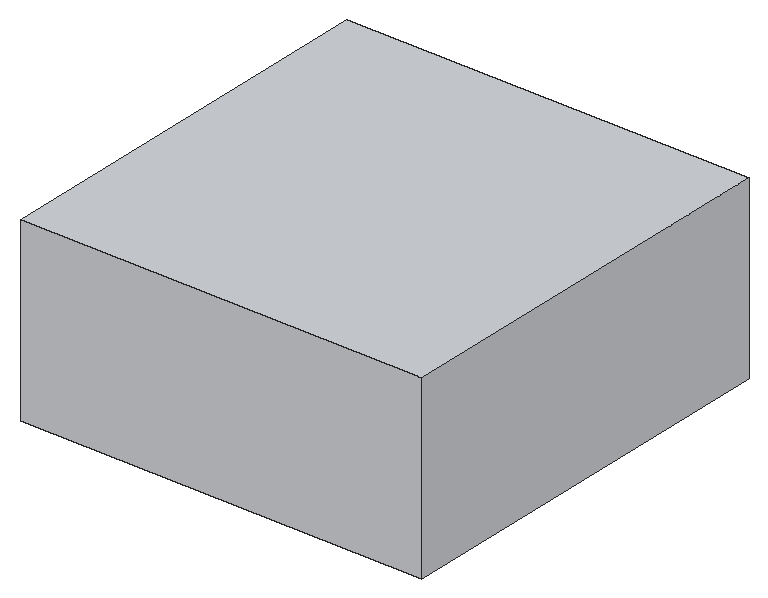
Revit family "M_Caixa universal - Sete tomadas - Tipo 2 - Alumínio", category Conexões do conduite, Revit 2019
Family settings
  Cota do conector redondo = Usar raio
  Tipo de parte = Múltiplas portas
  Número OmniClass = 23.80.30.17.11
  Título OmniClass = Conduits
  ID de item do Seek = Universal Box - Seven Outlets - Type 2 - Aluminum-0000-CAN-ENU
  Com base no plano de trabalho = Não
  Sempre na vertical = Sim
  Corte com vazios quando carregada = Não
  Compartilhado = Não
Parameters (values of type "Caixa de tomada dupla")
  Largura 1 [instance] = if(not(Diâmetro nominal máximo 1234567 > 25.4 mm), Distância do conduíte, Diâmetro nominal máximo 1234567 + 12.7 mm)  # 38 mm
  Largura [instance] = if(not(Diâmetro nominal máximo 1234567 > 27 mm), Largura externa, 6 * Diâmetro nominal máximo 1234567)  # 118 mm
  Largura externa = 118 mm
  Altura externa = 52 mm
  Raio nominal 7 [instance] = 8 mm
  Raio nominal 6 [instance] = 8 mm
  Raio nominal 5 [instance] = 8 mm
  Raio nominal 4 [instance] = 8 mm
  Raio nominal 3 [instance] = 8 mm
  Raio nominal 2 [instance] = 8 mm
  Raio nominal 1 [instance] = 8 mm
  Diâmetro nominal 7 [instance] = Raio nominal 7 * 2  # 16 mm
  Diâmetro nominal 6 [instance] = Raio nominal 6 * 2  # 16 mm
  Diâmetro nominal 5 [instance] = Raio nominal 5 * 2  # 16 mm
  Diâmetro nominal 4 [instance] = Raio nominal 4 * 2  # 16 mm
  Diâmetro nominal 3 [instance] = Raio nominal 3 * 2  # 16 mm
  Diâmetro nominal 2 [instance] = Raio nominal 2 * 2  # 16 mm
  Diâmetro nominal 1 [instance] = Raio nominal 1 * 2  # 16 mm
  Diâmetro nominal máximo 56 [instance] = if(Diâmetro nominal 5 > Diâmetro nominal 6, Diâmetro nominal 5, Diâmetro nominal 6)  # 16 mm
  Diâmetro nominal máximo 34 [instance] = if(Diâmetro nominal 3 > Diâmetro nominal 4, Diâmetro nominal 3, Diâmetro nominal 4)  # 16 mm
  Diâmetro nominal máximo 1234567 [instance] = if(Diâmetro nominal máximo 123456 > Diâmetro nominal 7, Diâmetro nominal máximo 123456, Diâmetro nominal 7)  # 16 mm
  Diâmetro nominal máximo 123456 [instance] = if(Diâmetro nominal máximo 1234 > Diâmetro nominal máximo 56, Diâmetro nominal máximo 1234, Diâmetro nominal máximo 56)  # 16 mm
  Diâmetro nominal máximo 1234 [instance] = if(Diâmetro nominal máximo 12 > Diâmetro nominal máximo 34, Diâmetro nominal máximo 12, Diâmetro nominal máximo 34)  # 16 mm
  Diâmetro nominal máximo 12 [instance] = if(Diâmetro nominal 1 > Diâmetro nominal 2, Diâmetro nominal 1, Diâmetro nominal 2)  # 16 mm
  Comprimento [instance] = if(not(Diâmetro nominal máximo 1234567 > 27 mm), 116 mm, 8 * Diâmetro nominal máximo 1234567)  # 116 mm
  Altura [instance] = if(not(Diâmetro nominal máximo 1234567 > 27 mm), Altura externa, if(Diâmetro nominal máximo 1234567 < 155 mm, 155 mm, Diâmetro nominal máximo 1234567 * 1.2))  # 52 mm
  Distância do conduíte = 38 mm
Types (3, lengths in mm): name | Largura 1 | Largura | Largura externa | Altura externa | Altura | Distância do conduíte
  (no name) | 38 | 118 | 118 | 52 | 52 | 38
  Caixa de tomada dupla | 38 | 118 | 118 | 52 | 52 | 38
  Caixa de tomada tripla | 30 | 164 | 164 | 64 | 64 | 30
Reference planes
  plane 1 "Centro (Frente/Trás)": y = 0
  plane 2: z = 0
  plane 3 "Centro (Esquerda/Direita)": x = 0
  plane 4: y = 59
  plane 5: y = -59
  plane 6: x = 116
  plane 7: z = -26
  plane 8: z = 26
  plane 9: y = 38
  plane 10: y = -38
Forms (mm)
  Extrusion 1, solid
    sketch origin (0, 0, 0) x (1, 0, 0) y (0, 1, 0)
      loop
        line (0, 59) -> (0, -59) -> (116, -59) -> (116, 59) -> (0, 59)
    from -26 to 26
  Extrusion 2, solid
    sketch origin (0, 0, 0) x (0, 1, 0) y (0, 0, 1)
      loop
        circle (38, 0) r 8
      loop
        circle (-38, 0) r 8
    from 0 to 116
Cuts and joins
  joined: Extrusion 1, Extrusion 2
Dimensions and locks
  equal spacing: plane 4, plane 1 "Centro (Frente/Trás)", plane 5
  "Largura": plane 4 to plane 5
  equal spacing: plane 8, plane 2, plane 7
  locked: level to plane 2
  "Altura": plane 8 to plane 7
  "Comprimento": plane 3 "Centro (Esquerda/Direita)" to plane 6
  "Largura 1": plane 9 to plane 1 "Centro (Frente/Trás)"
  "Largura 1": plane 1 "Centro (Frente/Trás)" to plane 10
  "Raio nominal 1": radius of Extrusion 2 sketch curve  (x2)
  aligned and locked: Extrusion 1 sketch curve to plane 4
  aligned and locked: plane 5 to Extrusion 1 sketch curve
  aligned and locked: Extrusion 1 sketch curve to plane 6
  aligned: Extrusion 1 to plane 2
  aligned and locked: Extrusion 1 to plane 7
  aligned and locked: plane 8 to Extrusion 1
  aligned and locked: Extrusion 1 to plane 3 "Centro (Esquerda/Direita)"
  aligned and locked: plane 2 to Extrusion 2 sketch curve  (x2)
  aligned and locked: plane 10 to Extrusion 2 sketch curve
  aligned and locked: plane 9 to Extrusion 2 sketch curve
  aligned and locked: Extrusion 2 to plane 3 "Centro (Esquerda/Direita)"
  aligned and locked: plane 6 to Extrusion 2
Automatic sketch dimensions
  plane 3 "Centro (Esquerda/Direita)" to Extrusion 1 sketch curve = 0 mm
Connectors
  cabletrayconduit at (0, 0, 0), diameter 16, driven by "Raio nominal 1"
    settings: on Extrusion 1, index 1, connector width 304.8 mm, connector height 304.8 mm, connector angle 0.00°, system type 32, placement type 0, profile type 0, connector reference index 4, is primary connector yes, connector utility param no, connector description ""
  cabletrayconduit at (0, 38, 0), diameter 16, driven by "Raio nominal 2"
    settings: on Extrusion 2, index 2, connector width 304.8 mm, connector height 304.8 mm, connector angle 0.00°, system type 32, placement type 0, profile type 0, connector reference index 5, is primary connector no, connector utility param no, connector description ""
  cabletrayconduit at (0, -38, 0), diameter 16, driven by "Raio nominal 3"
    settings: on Extrusion 2, index 3, connector width 304.8 mm, connector height 304.8 mm, connector angle 0.00°, system type 32, placement type 0, profile type 0, connector reference index 6, is primary connector no, connector utility param no, connector description ""
  cabletrayconduit at (116, 0, 0), diameter 16, driven by "Raio nominal 4"
    settings: on Extrusion 1, index 4, connector width 304.8 mm, connector height 304.8 mm, connector angle 0.00°, system type 32, placement type 0, profile type 0, connector reference index 1, is primary connector no, connector utility param no, connector description ""
  cabletrayconduit at (116, 38, 0), diameter 16, driven by "Raio nominal 5"
    settings: on Extrusion 2, index 5, connector width 304.8 mm, connector height 304.8 mm, connector angle 0.00°, system type 32, placement type 0, profile type 0, connector reference index 2, is primary connector no, connector utility param no, connector description ""
  cabletrayconduit at (116, -38, 0), diameter 16, driven by "Raio nominal 6"
    settings: on Extrusion 2, index 6, connector width 304.8 mm, connector height 304.8 mm, connector angle 0.00°, system type 32, placement type 0, profile type 0, connector reference index 3, is primary connector no, connector utility param no, connector description ""
  cabletrayconduit at (58, 0, -26), diameter 16, driven by "Raio nominal 7"
    settings: on Extrusion 1, index 7, connector width 304.8 mm, connector height 304.8 mm, connector angle 0.00°, system type 32, placement type 0, profile type 0, connector reference index -1, is primary connector no, connector utility param no, connector description ""
